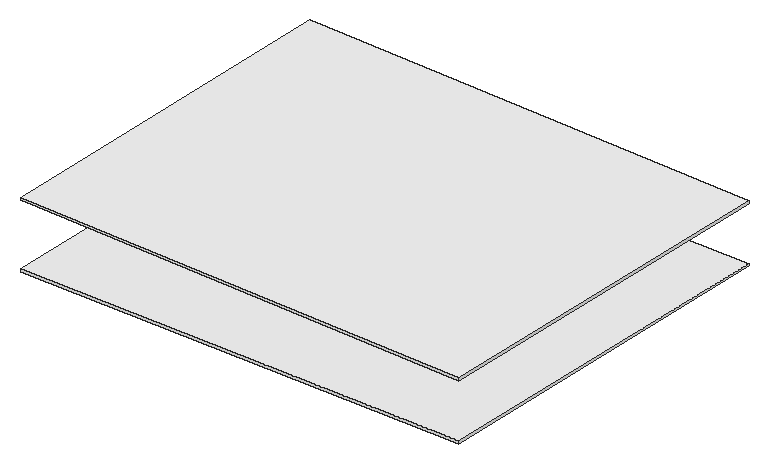
Revit family "CT_Pilotis_Laje_Dupla_Lisa_Con_A2", category Structural Framing, Revit 2025
Family settings
  Display in Hidden Views = Edges Hidden by Other Members
  Structural Framing Length Roundoff = 0.000 m
  Section Shape = Not Defined
  Material for Model Behavior = Concrete
  Always export as geometry = No
  OmniClass Number = 23.25.30.11.14.14
  OmniClass Title = Beams
  Always vertical = Yes
  Cut with Voids When Loaded = No
  Symbolic Representation = From Family
  Shared = No
  Show family pre-cut in plan views = Yes
Parameters
  Structural Material [instance] = CT_Concreto
  Modulo_Andar2 = 7.380 m
  Modulo_Andar1 = 7.300 m
  H2 [instance] = 1.140 m
  Assembly Code = ""
  Length [instance] = 8.950 m
  b = 0.120 m
  h = 1.300 m
Reference planes (m)
  plane 1 "Center (Front/Back)": y = 0
  plane 2: z = 0
  plane 3 "Center (Left/Right)": x = 5.20261
  plane 4: z = 1.3
  plane 5 "Left": x = 0.72761
  plane 6 "Right": x = 9.67761
  plane 7: z = 1.14
  plane 8: y = 7.38
  plane 9: y = 3.69
Forms (m)
  Extrusion 1, solid, material "CT_Concreto" <- "Structural Material"
    sketch origin (0, 0, -0.05) x (1, 0, 0) y (0, 0, 1)
      loop
        line (0.72761, 0) -> (9.67761, 0) -> (9.67761, 0.05) -> (0.72761, 0.05) -> (0.72761, 0)
      loop
        line (0.72761, 1.35) -> (0.72761, 1.299992) -> (9.67761, 1.139992) -> (9.67761, 1.19) -> (0.72761, 1.35)
    from -7.38 to 0
Dimensions and locks (m)
  plane 2 to plane 4 = 1.300 m
  "Length": plane 5 "Left" to plane 6 "Right"
  "h": plane 4 to plane 2
  "H2": plane 7 to level
  Extrusion 1 to Extrusion 1 = 7.380 m  (x2)
  equal spacing: plane 8, plane 9, plane 1 "Center (Front/Back)"
  "Modulo_Andar2": plane 8 to plane 1 "Center (Front/Back)"
  Extrusion 1 to plane 9 to Extrusion 1 = 3.690 m, 3.690 m
  aligned and locked: plane 6 "Right" to Extrusion 1 sketch curve  (x2)
  aligned and locked: Extrusion 1 sketch curve to plane 5 "Left"
  aligned and locked: Extrusion 1 sketch curve to Extrusion 1 sketch curve
  aligned and locked: plane 1 "Center (Front/Back)" to Extrusion 1
  aligned and locked: Extrusion 1 to plane 8
  aligned and locked: Extrusion 1 to level
Automatic sketch dimensions
  Extrusion 1 sketch curve to level = 0.000 m
  Extrusion 1 sketch curve to plane 7 = 0.000 m
  Extrusion 1 sketch curve to level = 0.050 m
  Extrusion 1 sketch curve to Extrusion 1 sketch curve = 0.050008 m
  plane 4 to Extrusion 1 sketch curve = 0.050008 m
  Extrusion 1 sketch curve to plane 4 = 0.000 m
